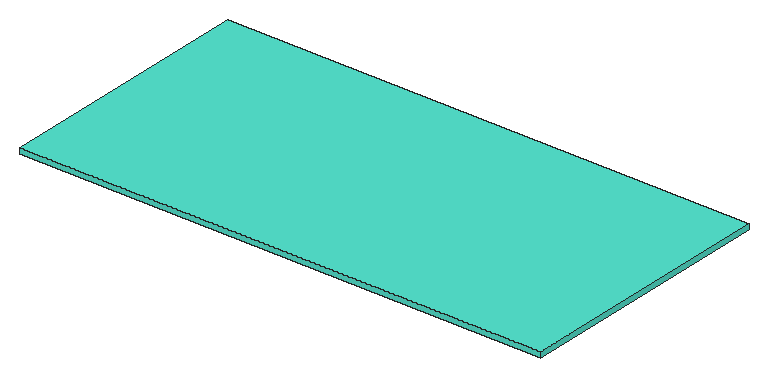
Revit family "Poly Max - Ceiling Clouds", category Specialty Equipment, Revit 2023
Family settings
  Round Connector Dimension = Use Diameter
  Part Type = Normal
  OmniClass Number = 23.35.00.00
  OmniClass Title = Covering, Cladding, and Finishes
  Work Plane-Based = Yes
  Enable Cutting in Views = Yes
  Always vertical = No
  Cut with Voids When Loaded = No
  Maintain Annotation Orientation = No
  Shared = No
  Room Calculation Point = No
Parameters (values of type "1 INCH THICK - 48X96 - Printed Grpahics")
  ‍      1. Thickness 1" = Thickness Options = 1  # yes
  URL = "https://www.acousticalsurfaces.com/poly-max/cloud/"
  Type Comments = "Acoustic Panels"
  Thickness Options = 1
  T = if(Thickness Options = 0, 0' 0 1/2", 0' 0") + if(Thickness Options = 1, 0' 1", 0' 0") + if(Thickness Options = 2, 0' 2", 0' 0")  # 0' - 1"
  Recycled Content Percentage = "0%"
  Model = "Poly Max - Ceiling Panels"
  Material = "Poly Max"
  Manufacturer = "Acoustical Surfaces, Inc."
  Fire Rating = "ASTM E84 - Class A"
  Finish = Paint - Acoustical-Surfaces - Printed Graphics
  Width = 4' - 0"
  Length = 8' - 0"
  ‍      2. Thickness 2" = Thickness Options = 2  # no
  Description = "Acoustic Panels"
  Default Elevation = 4' - 0"
  Assembly Code = "C30"
  Acoustics - NRC = "Sound absorption varies from NRC 0.45 to 0.95 based on installation method used when tested per ASTM C423."
  A = 0' - 0"
Types (20): name | ‍      1. Thickness 1" | Thickness Options | T | Finish | Width | Length | ‍      2. Thickness 2"
  1 INCH THICK - 48X96 - Printed Grpahics | yes | 1 | 0' - 1" | Paint - Acoustical-Surfaces - Printed Graphics | 4' - 0" | 8' - 0" | no
  1 INCH THICK - 48X96 - Silver | yes | 1 | 0' - 1" | Paint - Acoustical-Surfaces - Silver | 4' - 0" | 8' - 0" | no
  1 INCH THICK - 48X96 - Black | yes | 1 | 0' - 1" | Paint - Acoustical-Surfaces - Black | 4' - 0" | 8' - 0" | no
  1 INCH THICK - 48X96 - White | yes | 1 | 0' - 1" | Paint - Acoustical-Surfaces - White | 4' - 0" | 8' - 0" | no
  2 INCH THICK - 48X96 - Printed Graphics | no | 2 | 0' - 2" | Paint - Acoustical-Surfaces - Printed Graphics | 4' - 0" | 8' - 0" | yes
  2 INCH THICK - 48X96 - Silver | no | 2 | 0' - 2" | Paint - Acoustical-Surfaces - Silver | 4' - 0" | 8' - 0" | yes
  2 INCH THICK - 48X96 - Black | no | 2 | 0' - 2" | Paint - Acoustical-Surfaces - Black | 4' - 0" | 8' - 0" | yes
  2 INCH THICK - 48X96 - Beige | no | 2 | 0' - 2" | Paint - Acoustical-Surfaces - Beige | 4' - 0" | 8' - 0" | yes
  2 INCH THICK - 48X96 - White | no | 2 | 0' - 2" | Paint - Acoustical-Surfaces - White | 4' - 0" | 8' - 0" | yes
  2 INCH THICK - 24x48 - Printed Graphics | no | 0 | 0' - 0 1/2" | Paint - Acoustical-Surfaces - Printed Graphics | 2' - 0" | 4' - 0" | no
  2 INCH THICK - 24x48 - Silver | no | 0 | 0' - 0 1/2" | Paint - Acoustical-Surfaces - Silver | 2' - 0" | 4' - 0" | no
  2 INCH THICK - 24x48 - Black | no | 0 | 0' - 0 1/2" | Paint - Acoustical-Surfaces - Black | 2' - 0" | 4' - 0" | no
  2 INCH THICK - 24x48 - White | no | 0 | 0' - 0 1/2" | Paint - Acoustical-Surfaces - White | 2' - 0" | 4' - 0" | no
  1 INCH THICK - 24x48 - Silver | yes | 1 | 0' - 1" | Paint - Acoustical-Surfaces - Silver | 2' - 0" | 4' - 0" | no
  1 INCH THICK - 24x48 - Black | yes | 1 | 0' - 1" | Paint - Acoustical-Surfaces - Black | 2' - 0" | 4' - 0" | no
  1 INCH THICK - 24x48 - Beige | yes | 1 | 0' - 1" | Paint - Acoustical-Surfaces - Beige | 2' - 0" | 4' - 0" | no
  1 INCH THICK - 24x48 - White | yes | 1 | 0' - 1" | Paint - Acoustical-Surfaces - White | 2' - 0" | 4' - 0" | no
  2 INCH THICK - 24x48 - Beige | no | 0 | 0' - 0 1/2" | Paint - Acoustical-Surfaces - Beige | 2' - 0" | 4' - 0" | no
  1 INCH THICK - 24x48 - Printed Graphics | yes | 1 | 0' - 1" | Paint - Acoustical-Surfaces - Printed Graphics | 2' - 0" | 4' - 0" | no
  1 INCH THICK - 48X96 - Beige | yes | 1 | 0' - 1" | Paint - Acoustical-Surfaces - Beige | 4' - 0" | 8' - 0" | no
Reference planes (in)
  plane 1 "Center (Front/Back)": y = 0
  plane 2: z = 0
  plane 3 "Center (Left/Right)": x = 0
  plane 4: x = -48
  plane 5: x = 48
  plane 6: y = 24
  plane 7: y = -24
Dimensions and locks (in)
  "A": nested 1 to level
  equal spacing: plane 4, plane 3 "Center (Left/Right)", plane 5
  "Length": plane 4 to plane 5
  equal spacing: plane 7, plane 1 "Center (Front/Back)", plane 6
  "Width": plane 7 to plane 6
  aligned and locked: level to plane 2
Nested families (in)
  nested 1: "Square" at (0, 0, 0), type "Square"
    with B 4' - 0", A 8' - 0"
Definition of nested family "Square"
  Parameters (values of type "Square")
    Thickness = 0' - 1"
    Material = none
    Default Elevation = 0' - 0"
    B = 2' - 0"
    A = 4' - 0"
  Reference planes (in)
    plane 1 "Center (Front/Back)": y = 0
    plane 2: z = 0
    plane 3 "Center (Left/Right)": x = 0
    plane 4: x = -24
    plane 5: x = 24
    plane 6: y = 12
    plane 7: y = -12
    plane 8: z = 1
  Forms (in)
    Extrusion 1, solid, material <- "Material"
      sketch origin (0, 0, 0) x (1, 0, 0) y (0, 1, 0)
        loop
          line (24, 12) -> (-24, 12) -> (-24, -12) -> (24, -12) -> (24, 12)
      from 0 to 1
  Dimensions and locks (in)
    equal spacing: plane 4, plane 3 "Center (Left/Right)", plane 5
    equal spacing: plane 7, plane 1 "Center (Front/Back)", plane 6
    "B": plane 7 to plane 6
    "A": plane 4 to plane 5
    "Thickness": plane 8 to level
    aligned and locked: level to plane 2
    aligned and locked: Extrusion 1 sketch curve to plane 4
    aligned and locked: plane 5 to Extrusion 1 sketch curve
    aligned and locked: Extrusion 1 sketch curve to plane 6
    aligned and locked: Extrusion 1 sketch curve to plane 7
    aligned and locked: Extrusion 1 to plane 8
